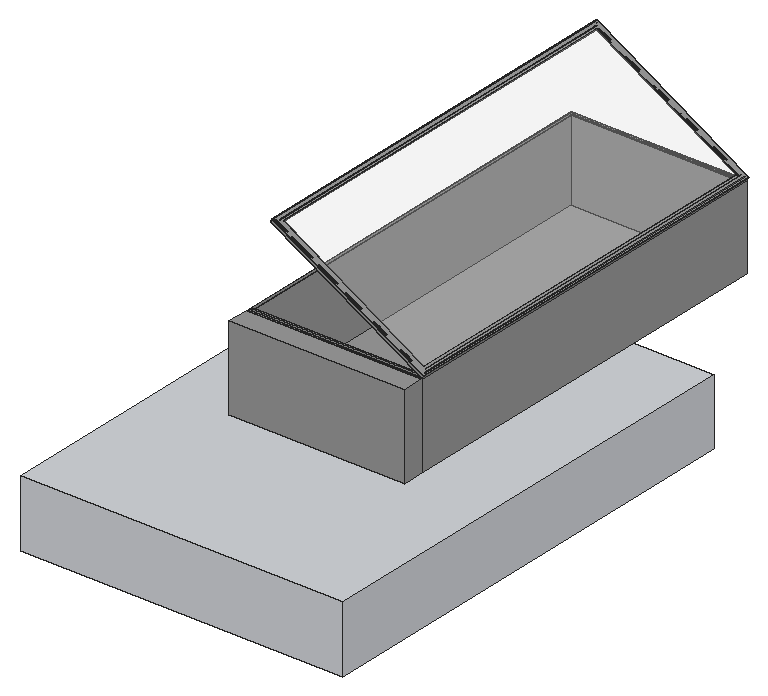
Revit family "Hager-Univers-IP55-D400-H1950-Cl.II-Steel_encl-CH-it", category Equipement électrique, Revit 2020
Family settings
  Hôte = Face
  Configuration du panneau = Deux colonnes, circuits au sein
  Cote de connecteur circulaire = Utiliser le diamètre
  Type d'élément = Tableau de raccordement
  Couper avec des vides une fois chargée = Non
  Partagée = Non
  Point de calcul de pièce = Non
Parameters (values of type "montaggio a pavimento IP55 L800 A1950 P400  - FR23U1")
  Width Control [instance] = if([EF000008 - Larghezza] > Min Width, [EF000008 - Larghezza], Min Width)  # 800 mm
  Commentaires du type = [HG000003 - Gamma]  # "Univers"
  Thickness Door [instance] = if([EF009171 - spessore materiale porta/coperchio] > 3 mm, 3 mm, [EF009171 - spessore materiale porta/coperchio])  # 1.5 mm
  Seal Frame Offset [instance] = 17 mm  # constant formula
  Plinth Visibility [instance] = [HG000027 - Altezza dello zoccolo] > 0 mm  # yes
  Model = ""
  Min Width [instance] = 100 mm  # constant formula
  Min Height [instance] = 100 mm  # constant formula
  Min Depth [instance] = (2 * [EF009170 - spessore materiale scatola]) + 1 mm  # 4 mm
  Internal Frame Depth [instance] = (Door System Depth * 0.5)  # 9 mm
  Height Control [instance] = if([EF000040 - Altezza] > Min Height, [EF000040 - Altezza], Min Height)  # 1950 mm
  HG000027 - Altezza dello zoccolo = 100 mm
  HG000026 - A pavimento = yes
  HG000024 - Altezza della sezione inferiore = 800 mm
  HG000023 - Custodia a doppia sezione = no
  HG000016 - Visibilità delle porte nella vista 3D [instance] = yes
  HG000015 - Visibilità attraverso la porta [instance] = no
  HG000014 - Porta destra [instance] = yes
  HG000013 - Porta sinistra [instance] = not([HG000014 - Porta destra])  # no
  HG000012 - Angolo di apertura della porta [instance] = 30.00°
  HG000010 - Porte asimmetriche = no
  HG000009 - Porta doppia a battente = no
  HG000006 - Ad incasso = no
  HG000004 - Codice produttore = "FR23U1"
  HG000003 - Gamma = "Univers"
  HG000002 - Con porta = yes
  Frame Offset Bottom [instance] = 10 mm  # constant formula
  Frame Offset [instance] = 15 mm  # constant formula
  EF015940 - Coprire con rilascio di sovrapressione = no
  EF011959 - tipo di protezione (NEMA) = ""
  EF009554 - numero delle aperture per la piastra della flangia = 6
  Fabricant = "Hager"  # constant formula
  EF009212 - esecuzione coperchio = "EV000116 - chiuso"
  EF009171 - spessore materiale porta/coperchio = 1.5 mm
  EF009170 - spessore materiale scatola = 1.5 mm
  EF008873 - corrente nominale (In) = 800 A
  EF007800 - adatto per parafulmine = no
  EF006306 - con serratura = no
  EF006244 - coperchio/porta trasparente = yes
  EF005474 - grado di protezione (IP) = "EV006420 - IP55"
  EF004464 - tipo di porta = "EV002646 - singolo"
  EF004427 - numero di moduli = 432
  EF004293 - resistenza agli urti = "EV008784 - IK10"
  EF003532 - adatto per uso esterno = no
  EF002950 - Numero moduli DIN = 24
  EF001613 - Integrità del circuito = "EV000494 - senza"
  EF001596 - Attacco Lampada = "EV000179 - acciaio"
  EF001131 - profondità interna = 400 mm
  EF001088 - possibilità di applicazione = yes
  EF000437 - numero di ingressi per conduttori = 6
  EF000339 - tipo di copertura = "EV004216 - porta"
  EF000266 - numero di file = 12
  EF000218 - profondità di incasso = 0 mm
  EF000118 - con piastra di montaggio = no
  EF000116 - numero RAL = "7035"
  EF000049 - profondità = 400 mm
  EF000040 - Altezza = 1950 mm
  EF000008 - Larghezza = 800 mm
  EF000007 - colore = "EV000270 - grigio"
  EF000003 - Tipo di montaggio = "EV012274 - montaggio a pavimento"
  Door System Leaf Tolerance [instance] = 1.5 mm  # constant formula
  Door System Depth [instance] = 18 mm  # constant formula
  Door Height [instance] = Height Control - [HG000027 - Altezza dello zoccolo]  # 1850 mm
  Depth Control [instance] = if([EF000049 - profondità] > Min Depth, [EF000049 - profondità], Min Depth)  # 400 mm
  Default Elevation = 0 mm
  Connector Offset [instance] = Height Control / 2  # 975 mm
  Bottom Top Plate Trim [instance] = 1.5 mm  # constant formula
  Plinth height Ctrl [instance] = if([HG000027 - Altezza dello zoccolo] > 0 mm, [HG000027 - Altezza dello zoccolo], 12 mm)  # 100 mm
Types (11, lengths in mm): name | Width Control | HG000010 - Porte asimmetriche | HG000009 - Porta doppia a battente | HG000004 - Codice produttore | EF009554 - numero delle aperture per la piastra della flangia | EF006244 - coperchio/porta trasparente | EF004464 - tipo di porta | EF004427 - numero di moduli | EF000437 - numero di ingressi per conduttori | EF000008 - Larghezza
  montaggio a pavimento IP55 L1050 A1950 P400  - FR24H1 | 1050 | yes | yes | "FR24H1" | 8 | no | "EV003602 - doppio" | 576 | 8 | 1050
  montaggio a pavimento IP55 L1050 A1950 P400  - FR24U1 | 1050 | yes | yes | "FR24U1" | 8 | yes | "EV003602 - doppio" | 576 | 8 | 1050
  montaggio a pavimento IP55 L1300 A1950 P400  - FR25H1 | 1300 | yes | yes | "FR25H1" | 10 | no | "EV003602 - doppio" | 720 | 10 | 1300
  montaggio a pavimento IP55 L1300 A1950 P400  - FR25U1 | 1300 | yes | yes | "FR25U1" | 10 | yes | "EV003602 - doppio" | 720 | 10 | 1300
  montaggio a pavimento IP55 L1550 A1950 P400  - FR26H1 | 1550 | yes | yes | "FR26H1" | 12 | no | "EV003602 - doppio" | 864 | 12 | 1550
  montaggio a pavimento IP55 L1550 A1950 P400  - FR26U1 | 1550 | yes | yes | "FR26U1" | 12 | yes | "EV003602 - doppio" | 864 | 12 | 1550
  montaggio a pavimento IP55 L300 A1950 P400  - FR21H1 | 300 | no | no | "FR21H1" | 2 | no | "EV002646 - singolo" | 144 | 2 | 300
  montaggio a pavimento IP55 L550 A1950 P400  - FR22H1 | 550 | no | no | "FR22H1" | 4 | no | "EV002646 - singolo" | 288 | 4 | 550
  montaggio a pavimento IP55 L550 A1950 P400  - FR22U1 | 550 | no | no | "FR22U1" | 4 | yes | "EV002646 - singolo" | 288 | 4 | 550
  montaggio a pavimento IP55 L800 A1950 P400  - FR23H1 | 800 | no | no | "FR23H1" | 6 | no | "EV002646 - singolo" | 432 | 6 | 800
  montaggio a pavimento IP55 L800 A1950 P400  - FR23U1 | 800 | no | no | "FR23U1" | 6 | yes | "EV002646 - singolo" | 432 | 6 | 800
Reference planes
  plane 1 "Center (Front/Back)": y = 0
  plane 2: z = 0
  plane 3 "Center (Left/Right)": x = 0
  plane 4: z = 400
  plane 5: y = 101.5
  plane 6: y = 1025
  plane 7: y = 100
  plane 8: y = 1950
  plane 9: z = 0
  plane 10: x = -385
  plane 11: x = 385
  plane 12: x = 383.5
  plane 13: x = -383.5
  plane 14: y = 1948.5
  plane 15: x = -383
  plane 16: x = -400
  plane 17: x = 383
  plane 18: x = 400
  plane 19: x = 398.5
  plane 20: x = -398.5
  plane 21: y = 111.5
  plane 22: y = 1950
  plane 23: y = 1933.5
  plane 24: z = 382
  plane 25: z = 1.5
  plane 26: z = 380.5
  plane 27: z = 398.5
Forms (mm)
  Extrusion 1, solid
    sketch origin (0, 0, 0) x (1, 0, 0) y (0, 1, 0)
      loop
        line (-702.964, 1305) -> (-702.964, -811.445) -> (766.763, -811.445) -> (766.763, 1305) -> (-702.964, 1305)
    from 0 to -304.8
  Extrusion 2, solid, material "Hager_Steel_RAL7035_Light_Grey", visible <- "Plinth Visibility", detail levels medium+fine
    sketch origin (0, 0, 0) x (1, 0, 0) y (0, 1, 0)
      loop
        line (-400, 0) -> (400, 0) -> (400, 100) -> (-400, 100) -> (-400, 0)
    from 0 to 382
  Extrusion 3, solid, material "Hager_Steel_RAL7035_Light_Grey", detail levels medium+fine
    sketch origin (0, 0, 0) x (1, 0, 0) y (0, 1, 0)
      loop
        line (-400, 100) -> (400, 100) -> (400, 1950) -> (-400, 1950) -> (-400, 100)
    from 0 to 382
  Extrusion 4, void
    sketch origin (0, 0, 0) x (1, 0, 0) y (0, 1, 0)
      loop
        line (-398.5, 101.5) -> (398.5, 101.5) -> (398.5, 1948.5) -> (-398.5, 1948.5) -> (-398.5, 101.5)
    from 1.5 to 380.5
  Extrusion 5, void
    sketch origin (-381.607, -4572, 382) x (0, -1, 0) y (-1, 0, 0)
      loop
        line (-4683.5, 1.893) -> (-6505.5, 1.893) -> (-6505.5, -765.107) -> (-4683.5, -765.107) -> (-4683.5, 1.893)
    from 0 to 1.5 <- "EF009170 - spessore materiale scatola"
  Extrusion 6, solid, material "Hager_Steel_RAL7035_Light_Grey", detail levels fine
    sketch origin (0, 0, 382) x (1, 0, 0) y (0, 1, 0)
      loop
        line (-383.5, 1933.5) -> (-383.5, 111.5) -> (383.5, 111.5) -> (383.5, 1933.5) -> (-383.5, 1933.5)
      loop
        line (-385, 110) -> (385, 110) -> (385, 1935) -> (-385, 1935) -> (-385, 110)
    from 0 to 9 <- "Internal Frame Depth"
  Extrusion 7, solid, material "Hager_Steel_RAL7035_Light_Grey", detail levels coarse
    sketch origin (0, 0, 0) x (1, 0, 0) y (0, 1, 0)
      loop
        line (-400, 0) -> (400, 0) -> (400, 1950) -> (-400, 1950) -> (-400, 0)
    from 0 to 400
  Sweep 8, void
    path in 3D
      loop
        line (-400, 100, 0) -> (400, 100, 0) -> (400, 100, 382) -> (-400, 100, 382) -> (-400, 100, 0)
    profile origin (-400, 100, 191) x (-1, 0, 0) y (0, -1, 0)
      loop
        line (0, 0) -> (0, 1.5) -> (-1.5, 1.5)
        arc (-1.5, 1.5) -> (-1.061, 0.439) -> (0, 0) r 1.5
Cuts and joins
  Extrusion 4, Extrusion 5 cuts Extrusion 3
  Sweep 8 cuts Extrusion 2
Lines and regions (mm)
  Masking region 1
    outline origin (0, 0, 0) x (1, 0, 0) y (0, 0, 1)
      loop
        line (-400, 400) -> (-400, 0) -> (400, 0) -> (400, 400) -> (-400, 400)
  Masking region 2, detail levels medium+fine
    outline origin (0, 140, 0) x (0, 1, 0) y (0, 0, 1)
      loop
        line (-40, 0) -> (1810, 0) -> (1810, 382) -> (-40, 382) -> (-40, 0)
  Masking region 3, not visible, detail levels medium+fine
    outline origin (0, 297.922, 0) x (0, 1, 0) y (0, 0, 1)
      loop
        line (738.578, 0) -> (778.578, 0) -> (778.578, 388.5)
        arc (778.578, 388.5) -> (775.649, 395.571) -> (768.578, 398.5) r 10
        line (768.578, 398.5) -> (738.578, 398.5) -> (738.578, 0)
  Masking region 4, detail levels coarse
    outline origin (0, 0, 180) x (0, 1, 0) y (0, 0, 1)
      loop
        line (0, -180) -> (1950, -180) -> (1950, 220) -> (0, 220) -> (0, -180)
  Masking region 5, visible <- "Plinth Visibility", detail levels medium+fine
    outline origin (0, 52.24, 12.345) x (0, 0, -1) y (0, 1, 0)
      loop
        line (10.845, 47.76) -> (-368.155, 47.76)
        arc (-368.155, 47.76) -> (-368.594, 46.699) -> (-369.655, 46.26) r 1.5
        line (-369.655, 46.26) -> (-369.655, -52.24) -> (12.345, -52.24) -> (12.345, 46.26)
        arc (12.345, 46.26) -> (11.285, 46.699) -> (10.845, 47.76) r 1.5
  Masking region 6, detail levels medium+fine
    outline origin (-381.607, -4572, 382) x (-1, 0, 0) y (0, -1, 0)
      loop
        line (18.393, -6522) -> (18.393, -4672) -> (-781.607, -4672) -> (-781.607, -6522) -> (18.393, -6522)
  Masking region 7, visible <- "Plinth Visibility", detail levels medium+fine
    outline origin (-381.607, -4727, 382) x (-1, 0, 0) y (0, -1, 0)
      loop
        arc (16.893, -4827) -> (17.332, -4825.939) -> (18.393, -4825.5) r 1.5
        line (18.393, -4825.5) -> (18.393, -4727) -> (-781.607, -4727) -> (-781.607, -4825.5)
        arc (-781.607, -4825.5) -> (-780.546, -4825.939) -> (-780.107, -4827) r 1.5
        line (-780.107, -4827) -> (16.893, -4827)
  Masking region 8, detail levels coarse
    outline origin (-442.548, -4669.526, 382) x (-1, 0, 0) y (0, -1, 0)
      loop
        line (-42.548, -6619.526) -> (-42.548, -4669.526) -> (-842.548, -4669.526) -> (-842.548, -6619.526) -> (-42.548, -6619.526)
  sketch lines
    curve 1: line (-400, 100, 382) -> (-400, 100, 0)
    curve 2: line (400, 100, 382) -> (-400, 100, 382)
    curve 3: line (400, 100, 382) -> (400, 100, 0)
    curve 4: line (-400, 100, 0) -> (400, 100, 0)
Dimensions and locks
  "Depth Control": plane 4 to Extrusion 1
  "HG000027 - Altezza dello zoccolo": plane 1 "Center (Front/Back)" to plane 7
  "EF009170 - spessore materiale scatola": plane 5 to plane 7
  locked: connector elem to plane 3 "Center (Left/Right)"
  equal spacing: plane 8, plane 6, plane 7
  locked: connector elem to plane 6
  "EF009170 - spessore materiale scatola": plane 8 to plane 14
  "EF009170 - spessore materiale scatola": plane 10 to plane 13
  "EF009170 - spessore materiale scatola": plane 12 to plane 11
  "Frame Offset": plane 20 to plane 13
  "Frame Offset": plane 12 to plane 19
  "EF009170 - spessore materiale scatola": plane 16 to plane 20
  "EF009170 - spessore materiale scatola": plane 19 to plane 18
  "Seal Frame Offset": plane 16 to plane 15
  "Seal Frame Offset": plane 17 to plane 18
  "Frame Offset Bottom": plane 21 to plane 5
  "Frame Offset": plane 14 to plane 23
  equal spacing: plane 16, plane 3 "Center (Left/Right)", plane 18
  "Width Control": plane 16 to plane 18
  "EF009170 - spessore materiale scatola": plane 4 to plane 27
  "EF009170 - spessore materiale scatola": plane 24 to plane 26
  "EF009170 - spessore materiale scatola": plane 25 to level
  "Door System Depth": plane 4 to plane 24
  "Height Control": plane 1 "Center (Front/Back)" to Extrusion 7 sketch curve
  "Height Control": Masking region 4 sketch curve to plane 1 "Center (Front/Back)"
  "Height Control": plane 1 "Center (Front/Back)" to plane 22
  "Bottom Top Plate Trim": profile plane to Sweep 8 sketch curve
  "Bottom Top Plate Trim": Sweep 8 sketch curve to profile plane
  "Plinth height Ctrl": plane 1 "Center (Front/Back)" to Extrusion 2 sketch curve
  "Plinth height Ctrl": Masking region 5 sketch curve to plane 1 "Center (Front/Back)"
  "Plinth height Ctrl": plane 1 "Center (Front/Back)" to Masking region 7 sketch curve
  "Thickness Door": Extrusion 6 sketch curve to Extrusion 6 sketch curve  (x3)
  "Thickness Door": cut or joined group of Extrusion 3, Extrusion 4, Extrusion 5 to Extrusion 6 sketch curve
  radius of Masking region 3 sketch curve = 10 mm
  "Bottom Top Plate Trim": radius of Masking region 5 sketch curve  (x2)
  "Bottom Top Plate Trim": radius of Sweep 8 sketch curve
  "Bottom Top Plate Trim": radius of Masking region 7 sketch curve  (x2)
  aligned and locked: plane 2 to Extrusion 1
  aligned and locked: level to Extrusion 1
  aligned and locked: level to Masking region 1 sketch curve
  aligned and locked: Masking region 1 sketch curve to plane 18
  aligned and locked: Masking region 1 sketch curve to plane 16
  aligned and locked: plane 7 to Masking region 2 sketch curve
  aligned and locked: level to Masking region 3 sketch curve
  aligned and locked: Masking region 3 sketch curve to plane 27
  aligned and locked: level to Masking region 2 sketch curve
  aligned and locked: plane 1 "Center (Front/Back)" to Extrusion 2 sketch curve
  aligned and locked: Extrusion 3 sketch curve to plane 7
  aligned and locked: plane 16 to Extrusion 3 sketch curve
  aligned and locked: plane 18 to Extrusion 3 sketch curve
  aligned and locked: plane 20 to Extrusion 4 sketch curve
  aligned and locked: plane 19 to Extrusion 4 sketch curve
  aligned and locked: Extrusion 4 sketch curve to plane 5
  aligned and locked: Extrusion 4 to plane 25
  aligned and locked: plane 26 to Extrusion 4
  aligned and locked: plane 24 to Extrusion 3
  aligned and locked: Extrusion 5 sketch curve to plane 21
  aligned and locked: Extrusion 5 sketch curve to plane 13
  aligned and locked: Extrusion 5 sketch curve to plane 12
  aligned and locked: plane 18 to Extrusion 7 sketch curve
  aligned and locked: plane 1 "Center (Front/Back)" to Extrusion 7 sketch curve
  aligned and locked: plane 16 to Extrusion 7 sketch curve
  aligned and locked: plane 4 to Extrusion 7
  aligned and locked: Extrusion 7 to level
  aligned and locked: level to Masking region 4 sketch curve
  aligned and locked: Masking region 4 sketch curve to plane 1 "Center (Front/Back)"
  aligned and locked: Masking region 4 sketch curve to plane 4
  aligned and locked: nested 1 to level
  aligned and locked: nested 1 to plane 16
  aligned and locked: plane 8 to Extrusion 3 sketch curve
  aligned and locked: plane 23 to Extrusion 5 sketch curve
  aligned and locked: plane 14 to Extrusion 4 sketch curve
  aligned and locked: Masking region 2 sketch curve to plane 8
  aligned and locked: level to Masking region 5 sketch curve
  aligned and locked: plane 16 to Extrusion 2 sketch curve
  aligned and locked: plane 18 to Extrusion 2 sketch curve
  aligned and locked: Masking region 5 sketch curve to plane 24
  aligned and locked: Masking region 2 sketch curve to plane 24
  aligned and locked: plane 24 to Extrusion 2
  aligned and locked: profile plane to Sweep 8 sketch curve  (x2)
  aligned and locked: Masking region 6 sketch curve to plane 18
  aligned and locked: Masking region 6 sketch curve to plane 22
  aligned and locked: Masking region 6 sketch curve to plane 16
  aligned and locked: plane 8 to plane 22
  aligned and locked: Masking region 6 sketch curve to plane 7
  aligned and locked: Masking region 7 sketch curve to plane 16
  aligned and locked: Masking region 7 sketch curve to plane 1 "Center (Front/Back)"
  aligned and locked: Masking region 7 sketch curve to plane 18
  aligned and locked: Masking region 8 sketch curve to plane 1 "Center (Front/Back)"
  aligned and locked: Masking region 8 sketch curve to plane 18
  aligned and locked: Masking region 8 sketch curve to plane 22
  aligned and locked: Masking region 8 sketch curve to plane 16
  aligned and locked: nested 2 to plane 7
  aligned and locked: plane 3 "Center (Left/Right)" to nested 2
  aligned and locked: nested 2 to plane 24
  aligned and locked: Extrusion 6 sketch curve to cut or joined group of Extrusion 3, Extrusion 4, Extrusion 5  (x4)
Automatic sketch dimensions
  Extrusion 1 sketch curve to Extrusion 1 sketch curve = 1469.727 mm
  Extrusion 1 sketch curve to Extrusion 1 sketch curve = 2116.445 mm
  Masking region 1 sketch curve to plane 4 = 0 mm
  plane 6 to Masking region 3 sketch curve = 11.5 mm
  Masking region 3 sketch curve to Masking region 3 sketch curve = 30 mm
  Masking region 5 sketch curve to plane 1 "Center (Front/Back)" = 0 mm
Nested families
  nested 1: "Hager_Enclosure_Symbol" at (-400, 0, 0) x (1, 0, 0) z (0, -1, 0), Height <- "Depth Control", Width <- "Width Control", type "Hager_Enclosure_Symbol"
    with Width_Ctrl 800 mm, Width 800 mm, Height_Ctrl 400 mm, Height 400 mm, A_Width_Int 26.25 mm, A_Width 315 mm, A_Height_Ctrl 350 mm, A_Height 350 mm
  nested 2: "EC000058_Univers_Door" at (0, 100, 382) x (1, 0, 0) z (0, 1, 0), Leaf_Tolerance <- "Door System Leaf Tolerance", Angle <- "HG000012 - Angolo di apertura della porta", Door_Depth <- "Door System Depth", Door_Left <- "HG000013 - Porta sinistra", Transparent <- "EF006244 - coperchio/porta trasparente", Assymetrical <- "HG000010 - Porte asimmetriche", Width <- "Width Control", Clearance <- "HG000015 - Visibilità attraverso la porta", Double <- "HG000009 - Porta doppia a battente", 3d_Door <- "HG000016 - Visibilità delle porte nella vista 3D", Lock_Visibility <- "EF006306 - con serratura", Width_Ctrl <- "Width Control", Door_Right <- "HG000014 - Porta destra", Door <- "HG000002 - Con porta", Height <- "Door Height", Thickness <- "Thickness Door", type "EC000058_Univers_Door", detail levels medium+fine
    with min_wh 4 mm, Width_Ctrl 800 mm, Width 800 mm, Transparent yes, Thickness 1.5 mm, Seal_Material Hager_Rubber, Lock_Visibility no, Lock_Material Hager_Plastic_RAL9005_Jet_Black, Leaf_Width 800 mm, Leaf_Tolerance_External_Sides 0 mm, Leaf_Tolerance 1.5 mm, Leaf_Offset 0 mm, Leaf_Height 1847 mm, Leaf_2_Width 800 mm, Leaf_2_Offset 400 mm, Leaf_1_Width 800 mm, Leaf_1_Offset 400 mm, Height_Ctrl 1850 mm, Height 1850 mm, Glass_Material Hager_Glass, Double_Clearance_Ctrl no, Double no, Door_Right_Ctrl yes, Door_Right yes, Door_Material Hager_Steel_RAL7035_Light_Grey, Door_Left_Ctrl no, Door_Left no, Door_Depth 18 mm, Door yes, Clearance_Material Hager_Clearance, Clearance_Depth 800 mm, Clearance_Ctrl no, Clearance no, Assymetrical no, Angle 30.00°, 3d_Door yes
Connectors
  electrical at (0, 1025, 0)
    settings: on plane 9, index 1, voltage 0 V, apparent load 0 VA, apparent load phase1 0 VA, apparent load phase2 0 VA, apparent load phase3 0 VA, power factor 1, load classification "Other", number of poles 1, system type 30, power factor state 1, is connector primary yes, connector utility no, sub classification motor no, connector description ""
Definition of nested family "EC000058_Univers_Door"
  Parameters (values of type "EC000058_Univers_Door")
    min_wh [instance] = (2 * Thickness) + 1 mm  # 11 mm
    Width_Ctrl [instance] = 400 mm
    Width [instance] = 500 mm
    Transparent [instance] = yes
    Thickness [instance] = 5 mm
    Seal_Material [instance] = none
    Lock_Visibility [instance] = yes
    Lock_Material [instance] = none
    Leaf_Width [instance] = if((Width_Ctrl - 2 * Leaf_Tolerance_External_Sides) > 0 mm, (Width_Ctrl - 2 * Leaf_Tolerance_External_Sides), min_wh)  # 400 mm
    Leaf_Tolerance_External_Sides [instance] = 0 mm  # constant formula
    Leaf_Tolerance [instance] = 1.5 mm
    Leaf_Offset [instance] = 0 mm  # constant formula
    Leaf_Height [instance] = if((Height_Ctrl - 2 * Leaf_Tolerance) > 0 mm, (Height_Ctrl - 2 * Leaf_Tolerance), min_wh)  # 497 mm
    Leaf_2_Width [instance] = if(and(and(Double, Assymetrical), Door_Left), (Leaf_Width / 3) - (Leaf_Tolerance / 2), if(and(and(Double, Assymetrical), Door_Right), (Leaf_Width / 3) * 2 - (Leaf_Tolerance / 2), if(and(Double, not(Assymetrical)), (Leaf_Width / 2) - Leaf_Tolerance, Leaf_Width)))  # 400 mm
    Leaf_2_Offset [instance] = if(and(Double, Assymetrical), Leaf_2_Width / 2, if(and(Double, not(Assymetrical)), Leaf_Width / 4, Leaf_Width / 2))  # 200 mm
    Leaf_1_Width [instance] = if(and(and(Double, Assymetrical), Door_Right), (Leaf_Width / 3) - (Leaf_Tolerance / 2), if(and(and(Double, Assymetrical), Door_Left), (Width / 3) * 2 - (Leaf_Tolerance / 2), if(and(Double, not(Assymetrical)), (Leaf_Width / 2) - Leaf_Tolerance, Leaf_Width)))  # 400 mm
    Leaf_1_Offset [instance] = if(and(Double, Assymetrical), Leaf_1_Width / 2, if(and(Double, not(Assymetrical)), Leaf_Width / 4, Leaf_Width / 2))  # 200 mm
    Height_Ctrl [instance] = if(Height > min_wh, Height, min_wh)  # 500 mm
    Height [instance] = 500 mm
    Glass_Material [instance] = none
    Double_Clearance_Ctrl [instance] = and(Double, Clearance)  # no
    Double [instance] = no
    Door_Right_Ctrl [instance] = and(or(Door_Right, Double), Door)  # yes
    Door_Right [instance] = yes
    Door_Material [instance] = none
    Door_Left_Ctrl [instance] = and(or(Door_Left, Double), Door)  # no
    Door_Left [instance] = no
    Door_Depth [instance] = 30 mm
    Door [instance] = yes
    Default Elevation = 1219.2 mm
    Clearance_Material [instance] = none
    Clearance_Depth [instance] = if(Leaf_1_Width > Leaf_2_Width, Leaf_1_Width, Leaf_2_Width)  # 400 mm
    Clearance_Ctrl [instance] = and(not(Double), Clearance)  # yes
    Clearance [instance] = yes
    Assymetrical [instance] = yes
    Angle [instance] = 30.00°
    3d_Door [instance] = yes
  Reference planes
    plane 1 "Center (Front/Back)": y = 0
    plane 2 "Bottom": z = 0
    plane 3 "Center (Left/Right)": x = 0
    plane 4: z = 500
    plane 5: x = -200
    plane 6: x = 200
    plane 7: z = 500
    plane 8: x = -200
    plane 9: z = 0
    plane 10: x = 200
    plane 11: y = 0
    plane 12: z = 1.5
    plane 13: x = -600
    plane 14: y = -400
    plane 15: x = 600
    plane 16: x = 0
    plane 17: x = 0
    plane 18: x = -200
    plane 19: x = 200
    plane 20: z = 498.5
  Forms (mm)
    Extrusion 1, solid, material <- "Clearance_Material", visible <- "Double_Clearance_Ctrl"
      sketch origin (1200, 0, 0) x (1, 0, 0) y (0, 0, -1)
        loop
          line (-1800, -498.5) -> (-600, -498.5) -> (-600, 0) -> (-1800, 0) -> (-1800, -498.5)
      from 0 to -400
  Dimensions and locks
    equal spacing: plane 5, plane 3 "Center (Left/Right)", plane 6
    "Width_Ctrl": plane 5 to plane 6
    "Leaf_Offset": plane 5 to plane 8
    "Leaf_Offset": plane 6 to plane 10
    "Leaf_Offset": plane 9 to level
    "Leaf_Offset": plane 4 to plane 7
    "Height_Ctrl": plane 4 to level
    "Leaf_Tolerance": plane 12 to plane 9
    locked: plane 11 to plane 1 "Center (Front/Back)"
    "Leaf_1_Offset": plane 18 to plane 16
    "Leaf_2_Offset": plane 17 to plane 19
    "Leaf_1_Width": plane 13 to plane 8
    "Leaf_2_Width": plane 10 to plane 15
    "Clearance_Depth": plane 14 to plane 1 "Center (Front/Back)"
    "Leaf_Tolerance_External_Sides": plane 8 to plane 18
    "Leaf_Tolerance_External_Sides": plane 19 to plane 10
    "Leaf_Tolerance": plane 7 to plane 20
    aligned and locked: level to plane 2 "Bottom"
    aligned and locked: nested 1 to plane 16
    aligned and locked: nested 2 to plane 17
    aligned and locked: Extrusion 1 to plane 13
    aligned and locked: plane 15 to Extrusion 1
    aligned and locked: Extrusion 1 to plane 14
    aligned and locked: plane 12 to nested 1
    aligned and locked: nested 2 to plane 12
    aligned and locked: Extrusion 1 to plane 11
    aligned and locked: plane 20 to Extrusion 1
    aligned and locked: nested 2 to plane 11
    aligned and locked: nested 1 to plane 11
  Automatic sketch dimensions
    Extrusion 1 sketch curve to level = 0 mm
    plane 5 to Extrusion 1 sketch curve = 400 mm
    plane 6 to Extrusion 1 sketch curve = 400 mm
    Extrusion 1 sketch curve to plane 4 = 1.5 mm
  Nested families
    nested 1: "EC000058_Univers_Door_Leaf" at (0, 0, 1.5), Width <- "Leaf_1_Width", visible <- "Door_Left_Ctrl", Leaf_Height <- "Leaf_Height", Angle <- "Angle", 3d_Door <- "3d_Door", Transparent <- "Transparent", Clearance Material <- "Clearance_Material", Clearance <- "Clearance_Ctrl", Door_Material <- "Door_Material", Glass_Material <- "Glass_Material", Door_Depth <- "Door_Depth", Lock_Material <- "Lock_Material", Seal_Material <- "Seal_Material", Lock_Visibility <- "Lock_Visibility", Thickness <- "Thickness", type "EC000058_Univers_Door_Leaf"
      with Width 400 mm, Transparent_Glass_Offset 30 mm, Transparent_Ctrl yes, Transparent yes, Thickness 5 mm, Standard no, Seal_Material none, Seal_D2 8 mm, Seal_D1 1 mm, Offset_Internal_Frame 10 mm, Lock_Width 20 mm, Lock_Visibility_3d yes, Lock_Visibility yes, Lock_Thickness_3 3 mm, Lock_Thickness_2 1 mm, Lock_Thickness_1 3 mm, Lock_Radius_Offset_2 16 mm, Lock_Radius_Offset_1 15 mm, Lock_Radius_2 5 mm, Lock_Radius 6 mm, Lock_Offset 5 mm, Lock_Material none, Lock_Height 80 mm, Lock_Cover_Top_Offset_2d 17 mm, Lock_Cover_Height -65 mm, Leaf_Height 497 mm, Internal_Seal_Thickness 8 mm, Internal_Seal_Depth_2 4.5 mm, Internal_Frame_Depth 25 mm, Glass_Thickness -1 mm, Glass_Offset -2 mm, Glass_Material none, Door_Material none, Door_Depth 30 mm, Clearance Material none, Clearance yes, Angle_Ctrl 30.00°, Angle 30.00°, 3d_Door yes
    nested 2: "EC000058_Univers_Door_Leaf" at (0, 0, 1.5) x (-1, 0, 0) z (0, 0, 1), Width <- "Leaf_2_Width", visible <- "Door_Right_Ctrl", Leaf_Height <- "Leaf_Height", Angle <- "Angle", 3d_Door <- "3d_Door", Transparent <- "Transparent", Clearance Material <- "Clearance_Material", Clearance <- "Clearance_Ctrl", Door_Material <- "Door_Material", Glass_Material <- "Glass_Material", Door_Depth <- "Door_Depth", Lock_Material <- "Lock_Material", Seal_Material <- "Seal_Material", Lock_Visibility <- "Lock_Visibility", Thickness <- "Thickness", type "EC000058_Univers_Door_Leaf"
      with Width 400 mm, Transparent_Glass_Offset 30 mm, Transparent_Ctrl yes, Transparent yes, Thickness 5 mm, Standard no, Seal_Material none, Seal_D2 8 mm, Seal_D1 1 mm, Offset_Internal_Frame 10 mm, Lock_Width 20 mm, Lock_Visibility_3d yes, Lock_Visibility yes, Lock_Thickness_3 3 mm, Lock_Thickness_2 1 mm, Lock_Thickness_1 3 mm, Lock_Radius_Offset_2 16 mm, Lock_Radius_Offset_1 15 mm, Lock_Radius_2 5 mm, Lock_Radius 6 mm, Lock_Offset 5 mm, Lock_Material none, Lock_Height 80 mm, Lock_Cover_Top_Offset_2d 17 mm, Lock_Cover_Height -65 mm, Leaf_Height 497 mm, Internal_Seal_Thickness 8 mm, Internal_Seal_Depth_2 4.5 mm, Internal_Frame_Depth 25 mm, Glass_Thickness -1 mm, Glass_Offset -2 mm, Glass_Material none, Door_Material none, Door_Depth 30 mm, Clearance Material none, Clearance yes, Angle_Ctrl 30.00°, Angle 30.00°, 3d_Door yes
  Definition of nested family "EC000058_Univers_Door_Leaf"
    Parameters (values of type "EC000058_Univers_Door_Leaf")
      Width [instance] = 2000 mm
      Transparent_Glass_Offset [instance] = 30 mm
      Transparent_Ctrl [instance] = and(Transparent, [3d_Door])  # yes
      Transparent [instance] = yes
      Thickness [instance] = 5 mm
      Standard [instance] = and(not(Transparent), [3d_Door])  # no
      Seal_Material [instance] = none
      Seal_D2 [instance] = 8 mm  # constant formula
      Seal_D1 [instance] = 1 mm  # constant formula
      Offset_Internal_Frame [instance] = 10 mm  # constant formula
      Lock_Width [instance] = 20 mm  # constant formula
      Lock_Visibility_3d [instance] = and(Lock_Visibility, [3d_Door])  # yes
      Lock_Visibility [instance] = yes
      Lock_Thickness_3 [instance] = 3 mm  # constant formula
      Lock_Thickness_2 [instance] = 1 mm  # constant formula
      Lock_Thickness_1 [instance] = 3 mm  # constant formula
      Lock_Radius_Offset_2 [instance] = Lock_Radius_Offset_1 + 1 mm  # 16 mm
      Lock_Radius_Offset_1 [instance] = 15 mm  # constant formula
      Lock_Radius_2 [instance] = Lock_Radius - 1 mm  # 5 mm
      Lock_Radius [instance] = 6 mm  # constant formula
      Lock_Offset [instance] = 5 mm  # constant formula
      Lock_Material [instance] = none
      Lock_Height [instance] = 80 mm  # constant formula
      Lock_Cover_Top_Offset_2d [instance] = Lock_Radius_Offset_2 + 1 mm  # 17 mm
      Lock_Cover_Height [instance] = -(Lock_Height - Lock_Radius_Offset_1)  # -65 mm
      Leaf_Height [instance] = 2720.336 mm
      Internal_Seal_Thickness [instance] = 8 mm  # constant formula
      Internal_Seal_Depth_2 [instance] = 4.5 mm  # constant formula
      Internal_Frame_Depth [instance] = if(Door_Depth - Thickness > 5 mm, Door_Depth - Thickness, 5 mm)  # 25 mm
      Glass_Thickness [instance] = if(Thickness > 15 mm, Glass_Offset + 10 mm, -1 mm)  # -1 mm
      Glass_Offset [instance] = if(Thickness > 15 mm, -(Thickness + 10 mm) / 2, -2 mm)  # -2 mm
      Glass_Material [instance] = none
      Door_Material [instance] = none
      Door_Depth [instance] = 30 mm
      Default Elevation = 0 mm
      Clearance Material [instance] = none
      Clearance [instance] = yes
      Angle_Ctrl [instance] = if(Angle > 180.00°, 180.00°, Angle)  # 90.00°
      Angle [instance] = 90.00°
      3d_Door [instance] = yes
    Reference planes
      plane 1 "Center (Front/Back)": y = 0
      plane 2: z = 0
      plane 3 "Center (Left/Right)": x = 0
      plane 4: y = 2000
      plane 5: x = -1000
      plane 6: x = 1000
      plane 7: x = -3000
      plane 8: z = 2720.336
      plane 9: z = 30
      plane 10: z = 2690.336
      plane 11: x = 970
      plane 12: x = -970
      plane 13: y = -3
      plane 14: z = 107.833
      plane 15: y = -5
      plane 16: y = -223.314
      plane 17: x = -1000
      plane 18: z = 1360.168
      plane 19: y = 30
    Forms (mm)
      Extrusion 1, solid, material <- "Clearance Material", visible <- "Clearance"
        sketch origin (0, 0, 0) x (1, 0, 0) y (0, 0, 1)
          loop
            line (-3000, 2720.336) -> (-3000, 0) -> (1000, 0) -> (1000, 2720.336) -> (-3000, 2720.336)
        from 0 to -2000
      Extrusion 2, solid, material <- "Door_Material", visible <- "Standard", detail levels medium+fine
        sketch origin (-1000, 0, 0) x (0, 1, 0) y (-1, 0, 0)
          loop
            line (0, 30) -> (0, 25) -> (2000, 25) -> (2000, 30) -> (0, 30)
        from 0 to 2720.336 <- "Leaf_Height"
      Extrusion 3, solid, material <- "Door_Material", visible <- "Transparent_Ctrl", detail levels medium+fine
        sketch origin (-1000, 0, 0) x (0, 1, 0) y (-1, 0, 0)
          loop
            line (0, 25) -> (2000, 25) -> (2000, 30) -> (0, 30) -> (0, 25)
        from 0 to 2720.336 <- "Leaf_Height"
      Extrusion 4, void
        sketch origin (-1025, 2000, 0) x (0, 1, 0) y (0, 0, -1)
          loop
            line (-30, -2690.336) -> (-30, -30) -> (-1970, -30) -> (-1970, -2690.336) -> (-30, -2690.336)
        from 0 to 5 <- "Thickness"
      Sweep 5, solid, material <- "Seal_Material", visible <- "Transparent_Ctrl", detail levels fine
        path in 3D
          loop
            line (-1025, 30, 30) -> (-1025, 30, 2690.336) -> (-1025, 1970, 2690.336) -> (-1025, 1970, 30) -> (-1025, 30, 30)
        profile origin (-1025, 1000, 30) x (1, 0, 0) y (0, 0, 1)
          loop
            line (0, 0) -> (0, -8) -> (1, -8) -> (1, 0) -> (0, 0)
      Extrusion 6, solid, material <- "Glass_Material", visible <- "Transparent_Ctrl", detail levels medium+fine
        sketch origin (-1030, 0, 0) x (0, 1, 0) y (0, 0, -1)
          loop
            line (1970, -2690.336) -> (1970, -30) -> (30, -30) -> (30, -2690.336) -> (1970, -2690.336)
        from -2 <- "Glass_Offset" to -1 <- "Glass_Thickness"
      Extrusion 7, solid, material <- "Door_Material", visible <- "3d_Door", detail levels medium+fine
        sketch origin (-1025, 2000, 0) x (0, -1, 0) y (0, 0, -1)
          loop
            line (0, -2720.336) -> (2000, -2720.336) -> (2000, 0) -> (0, 0) -> (0, -2720.336)
          loop
            line (1995, -5) -> (5, -5) -> (5, -2715.336) -> (1995, -2715.336) -> (1995, -5)
        from 0 to 25 <- "Internal_Frame_Depth"
      Sweep 8, solid, material <- "Seal_Material", visible <- "Transparent_Ctrl", detail levels fine
        path in 3D
          loop
            line (-1025, 0, 0) -> (-1025, 2000, 0) -> (-1025, 2000, 2720.336) -> (-1025, 0, 2720.336) -> (-1025, 0, 0)
        profile origin (-1025, 0, 1360.168) x (1, 0, 0) y (0, 1, 0)
          loop
            line (0, 10) -> (2.975, 10)
            arc (2.975, 10) -> (4.053, 10.447) -> (4.5, 11.525) r 1.525
            line (4.5, 11.525) -> (4.5, 16.527)
            arc (4.5, 16.527) -> (4.069, 17.569) -> (3.027, 18) r 1.473
            line (3.027, 18) -> (0, 18) -> (0, 10)
      Extrusion 9, solid, material <- "Lock_Material", visible <- "Lock_Visibility_3d", detail levels fine
        sketch origin (-1030, 0, 0) x (0, 1, 0) y (0, 0, -1)
          loop
            arc (1993.5, -1400.168) -> (1994.561, -1399.729) -> (1995, -1398.668) r 1.5
            line (1995, -1398.668) -> (1995, -1320.168) -> (1975, -1320.168) -> (1975, -1398.668)
            arc (1975, -1398.668) -> (1975.439, -1399.729) -> (1976.5, -1400.168) r 1.5
            line (1976.5, -1400.168) -> (1993.5, -1400.168)
        from 3 <- "Lock_Thickness_1" to 0
      Blend 10, solid, material <- "Lock_Material", visible <- "Lock_Visibility_3d", detail levels fine
        base sketch origin (-1033, 0, 0) x (0, 1, 0) y (0, 0, -1)
          loop
            line (1975, -1320.168) -> (1975, -1398.668)
            arc (1975, -1398.668) -> (1975.439, -1399.729) -> (1976.5, -1400.168) r 1.5
            line (1976.5, -1400.168) -> (1993.5, -1400.168)
            arc (1993.5, -1400.168) -> (1994.561, -1399.729) -> (1995, -1398.668) r 1.5
            line (1995, -1398.668) -> (1995, -1320.168) -> (1975, -1320.168)
        top sketch origin (-1033, 0, 0) x (0, 1, 0) y (0, 0, -1)
          loop
            line (1976, -1320.168) -> (1976, -1398.668)
            arc (1976, -1398.668) -> (1976.146, -1399.022) -> (1976.5, -1399.168) r 0.5
            line (1976.5, -1399.168) -> (1993.5, -1399.168)
            arc (1993.5, -1399.168) -> (1993.854, -1399.022) -> (1994, -1398.668) r 0.5
            line (1994, -1398.668) -> (1994, -1320.168) -> (1976, -1320.168)
        from 0 to 1 <- "Lock_Thickness_2"
      Blend 11, solid, material <- "Lock_Material", visible <- "Lock_Visibility_3d", detail levels fine
        base sketch origin (-1034, 0, 0) x (0, 1, 0) y (0, 0, -1)
          loop
            line (1978, -1320.168) -> (1978, -1384.168)
            arc (1978, -1384.168) -> (1985, -1391.168) -> (1992, -1384.168) r 7
            line (1992, -1384.168) -> (1992, -1320.168) -> (1978, -1320.168)
        top sketch origin (-1034, 0, 0) x (0, 1, 0) y (0, 0, -1)
          loop
            line (1991, -1320.168) -> (1979, -1320.168) -> (1979, -1383.168)
            arc (1979, -1383.168) -> (1985, -1389.168) -> (1991, -1383.168) r 6
            line (1991, -1383.168) -> (1991, -1320.168)
        from 0 to 3 <- "Lock_Thickness_3"
      Extrusion 12, solid, material <- "Lock_Material", visible <- "Lock_Visibility_3d", detail levels fine
        sketch origin (-1030, 1975, 1320.168) x (1, 0, 0) y (0, -1, 0)
          loop
            line (-7, -19) -> (-7, -1) -> (0, -1) -> (0, 0) -> (-8, 0) -> (-8, -20) -> (0, -20) -> (0, -19) -> (-7, -19)
        from 0 to -65 <- "Lock_Cover_Height"
      Extrusion 13, void
        sketch origin (-1038, 1995, 1320.168) x (-1, 0, 0) y (0, 0, -1)
          loop
            line (-5, -65) -> (0, -65) -> (-5, -60) -> (-5, -65)
        from 0 to 20 <- "Lock_Width"
      Extrusion 14, void
        sketch origin (-1038, 1975, 1320.168) x (0, -1, 0) y (0, 0, -1)
          loop
            circle (-10, -15.995) r 6
          loop
            circle (-10, -15.995) r 5
        from 0 to 2
      Extrusion 15, solid, material <- "Lock_Material", visible <- "Lock_Visibility_3d", detail levels medium
        sketch origin (-1030, 0, 0) x (0, 1, 0) y (0, 0, -1)
          loop
            arc (1993.5, -1400.168) -> (1994.561, -1399.729) -> (1995, -1398.668) r 1.5
            line (1995, -1398.668) -> (1995, -1320.168) -> (1975, -1320.168) -> (1975, -1398.668)
            arc (1975, -1398.668) -> (1975.439, -1399.729) -> (1976.5, -1400.168) r 1.5
            line (1976.5, -1400.168) -> (1993.5, -1400.168)
        from 8 to 0
    Cuts and joins
      Extrusion 4 cuts Extrusion 3
      Extrusion 13, Extrusion 14 cuts Extrusion 9
      Extrusion 14 cuts Blend 11
      Extrusion 13, Extrusion 14 cuts Extrusion 12
      joined: Extrusion 9, Blend 10, Blend 11, Extrusion 12
      Extrusion 14 cuts Extrusion 15
    Lines and regions (mm)
      Masking region 1, visible <- "Lock_Visibility", detail levels fine
        outline origin (0, 0, 0) x (0, 1, 0) y (0, 0, 1)
          loop
            line (30, 1320.168) -> (33, 1320.168) -> (33, 1400.168) -> (30, 1400.168) -> (30, 1320.168)
      Masking region 2, visible <- "Lock_Visibility", detail levels fine
        outline origin (0, 3.143, 0) x (0, 1, 0) y (0, 0, 1)
          loop
            line (29.857, 1354.168) -> (30.857, 1354.168) -> (30.857, 1366.168) -> (29.857, 1366.168) -> (29.857, 1354.168)
      Masking region 3, detail levels medium+fine
        outline origin (0, 0, 0) x (0, 1, 0) y (0, 0, 1)
          loop
            line (0, 0) -> (30, 0) -> (30, 2720.336) -> (0, 2720.336) -> (0, 0)
      Masking region 4, detail levels medium+fine
        outline origin (0, 0, 0) x (1, 0, 0) y (0, 0, 1)
          loop
            line (-1000, 2720.336) -> (-1000, 0) -> (1000, 0) -> (1000, 2720.336) -> (-1000, 2720.336)
      Masking region 5, visible <- "Lock_Visibility", detail levels fine
        outline origin (-47.116, 0, 0) x (1, 0, 0) y (0, 0, 1)
          loop
            arc (1024.616, 1399.168) -> (1023.556, 1398.729) -> (1023.116, 1397.668) r 1.5
            line (1023.116, 1397.668) -> (1023.116, 1320.168) -> (1041.116, 1320.168) -> (1041.116, 1397.668)
            arc (1041.116, 1397.668) -> (1040.677, 1398.729) -> (1039.616, 1399.168) r 1.5
            line (1039.616, 1399.168) -> (1024.616, 1399.168)
      Masking region 6, visible <- "Lock_Visibility", detail levels medium+fine
        outline origin (-25, 0, 0) x (1, 0, 0) y (0, 0, 1)
          loop
            arc (1001.5, 1400.168) -> (1000.439, 1399.729) -> (1000, 1398.668) r 1.5
            line (1000, 1398.668) -> (1000, 1320.168) -> (1020, 1320.168) -> (1020, 1398.668)
            arc (1020, 1398.668) -> (1019.561, 1399.729) -> (1018.5, 1400.168) r 1.5
            line (1018.5, 1400.168) -> (1001.5, 1400.168)
      Masking region 7, visible <- "Lock_Visibility", detail levels fine
        outline origin (-73.735, 0, 0) x (1, 0, 0) y (0, 0, 1)
          loop
            line (1051.735, 1382.168) -> (1065.735, 1382.168) -> (1065.735, 1384.168)
            arc (1065.735, 1384.168) -> (1058.735, 1391.168) -> (1051.735, 1384.168) r 7
            line (1051.735, 1384.168) -> (1051.735, 1382.168)
      Masking region 8, visible <- "Lock_Visibility", detail levels fine
        outline origin (-73.735, 0, 0) x (1, 0, 0) y (0, 0, 1)
          loop
            line (1052.735, 1382.168) -> (1064.735, 1382.168) -> (1064.735, 1383.168)
            arc (1064.735, 1383.168) -> (1058.735, 1389.168) -> (1052.735, 1383.168) r 6
            line (1052.735, 1383.168) -> (1052.735, 1382.168)
      Masking region 9, visible <- "Lock_Visibility", detail levels fine
        outline origin (-25, 0, 0) x (1, 0, 0) y (0, 0, 1)
          loop
            line (1020, 1320.168) -> (1020, 1382.168) -> (1000, 1382.168) -> (1000, 1320.168) -> (1020, 1320.168)
      Masking region 10, detail levels medium+fine
        outline origin (0, 0, 0) x (1, 0, 0) y (0, 0, 1)
          loop
            circle (985, 1335.144) r 6
      Masking region 11, detail levels fine
        outline origin (0, 0, 0) x (1, 0, 0) y (0, 0, 1)
          loop
            circle (985, 1335.144) r 5
      Masking region 12, visible <- "Lock_Visibility", detail levels fine
        outline origin (0, 12.767, 0) x (0, 1, 0) y (0, 0, 1)
          loop
            line (20.233, 1320.168) -> (21.233, 1320.168) -> (21.233, 1399.168) -> (20.233, 1400.168) -> (20.233, 1320.168)
      Masking region 13, visible <- "Lock_Visibility", detail levels fine
        outline origin (0, 13.767, -10) x (0, 1, 0) y (0, 0, 1)
          loop
            line (20.233, 1330.168) -> (23.233, 1330.168) -> (23.233, 1399.168) -> (20.233, 1402.168) -> (20.233, 1330.168)
      Masking region 14, visible <- "Lock_Visibility", detail levels fine
        outline origin (0, 12.767, -10) x (0, 1, 0) y (0, 0, 1)
          loop
            line (20.233, 1330.168) -> (25.233, 1330.168) -> (25.233, 1399.305) -> (20.233, 1394.305) -> (20.233, 1330.168)
      Masking region 15, visible <- "Lock_Visibility", detail levels medium
        outline origin (0, 0, 0) x (0, 1, 0) y (0, 0, 1)
          loop
            line (30, 1320.168) -> (38, 1320.168) -> (38, 1400.168) -> (30, 1400.168) -> (30, 1320.168)
      Masking region 16, visible <- "Lock_Visibility", detail levels fine
        outline origin (-1000, 0, 0) x (0, 1, 0) y (-1, 0, 0)
          loop
            line (1975, 30) -> (1995, 30) -> (1995, 38) -> (1975, 38) -> (1975, 30)
          loop
            line (1979, 37) -> (1976, 37) -> (1976, 34) -> (1978, 34) -> (1979, 37)
          loop
            line (1994, 37) -> (1991, 37) -> (1992, 34) -> (1994, 34) -> (1994, 37)
      Masking region 17, visible <- "Lock_Visibility", detail levels medium
        outline origin (-1000, 0, 0) x (0, 1, 0) y (-1, 0, 0)
          loop
            line (1975, 30) -> (1995, 30) -> (1995, 38) -> (1975, 38) -> (1975, 30)
      symbolic lines
        curve 1: line (1000, 0, 0) -> (-3000, 0, 0)
        curve 2: arc (1000, 0, 0) -> (-1000, 2000, 0) -> (-3000, 0, 0) r 2000
        curve 4: line (-1030, 0, 0) -> (-1030, 2000, 0)
      reference lines
        curve 3: line (-1000, 0, 0) -> (-1000, 2000, 0)
      symbolic lines, detail levels medium+fine
        curve 5: line (-1030, 2000, 0) -> (-1025, 2000, 0)
        curve 7: line (-1025, 0, 0) -> (-1030, 0, 0)
        curve 8: line (-1025, 0, 0) -> (-1000, 0, 0)
        curve 9: line (-1000, 0, 0) -> (-1000, 2000, 0)
        curve 10: line (-1000, 2000, 0) -> (-1025, 2000, 0)
      symbolic lines, detail levels fine
        curve 6: line (-1025, 2000, 0) -> (-1025, 0, 0)
      sketch lines
        curve 11: line (-1025, 0, 2720.336) -> (-1025, 0, 0)
        curve 12: line (-1025, 2000, 0) -> (-1025, 0, 0)
        curve 13: line (-1025, 2000, 2720.336) -> (-1025, 2000, 0)
        curve 14: line (-1025, 0, 2720.336) -> (-1025, 2000, 2720.336)
        curve 15: line (-1025, 1970, 30) -> (-1025, 30, 30)
        curve 16: line (-1025, 30, 30) -> (-1025, 30, 2690.336)
        curve 17: line (-1025, 1970, 2690.336) -> (-1025, 1970, 30)
        curve 18: line (-1025, 30, 2690.336) -> (-1025, 1970, 2690.336)
      symbolic lines, visible <- "Transparent", detail levels medium+fine
        curve 19: line (-970, 0, 2690.336) -> (970, 0, 2690.336)
        curve 20: line (-970, 0, 30) -> (-970, 0, 2690.336)
        curve 21: line (970, 0, 30) -> (-970, 0, 30)
        curve 22: line (970, 0, 2690.336) -> (970, 0, 30)
    Dimensions and locks
      "Width": plane 1 "Center (Front/Back)" to plane 4
      equal spacing: plane 5, plane 3 "Center (Left/Right)", plane 6
      "Width": plane 5 to plane 6
      "Width": plane 7 to plane 5
      "Leaf_Height": plane 8 to level
      "Width": curve 5 to curve 3
      "Width": curve 3 to curve 3
      plane 8 to plane 10 = 30 mm
      plane 9 to level = 30 mm
      plane 12 to plane 5 = 30 mm
      plane 6 to plane 11 = 30 mm
      Extrusion 1 to Extrusion 4 sketch curve = 30 mm
      "Transparent_Glass_Offset": curve 3 to Extrusion 4 sketch curve
      "Transparent_Glass_Offset": Extrusion 4 sketch curve to cut or joined group of Extrusion 3, Extrusion 4  (x2)
      cut or joined group of Extrusion 3, Extrusion 4 to Extrusion 6 sketch curve = 30 mm
      "Transparent_Glass_Offset": cut or joined group of Extrusion 3, Extrusion 4 to Extrusion 4 sketch curve
      "Thickness": curve 6 to curve 4
      "Thickness": Extrusion 7 sketch curve to Extrusion 7 sketch curve  (x4)
      "Door_Depth": curve 4 to curve 3
      "Offset_Internal_Frame": profile plane to Sweep 8 sketch curve
      "Internal_Seal_Thickness": Sweep 8 sketch curve to Sweep 8 sketch curve
      "Internal_Seal_Depth_2": profile plane to Sweep 8 sketch curve
      "Seal_D1": profile plane to Sweep 5 sketch curve
      "Seal_D2": profile plane to Sweep 5 sketch curve
      "Thickness": Extrusion 2 sketch curve to Extrusion 2 sketch curve
      equal spacing: Extrusion 9 sketch curve, plane 18, Extrusion 9 sketch curve  (x2)
      equal spacing: Masking region 1 sketch curve, plane 18, Masking region 1 sketch curve
      "Lock_Height": Masking region 1 sketch curve to Masking region 1 sketch curve
      "Lock_Radius": Masking region 2 sketch curve to plane 18 to Masking region 2 sketch curve
      Masking region 2 sketch curve to Masking region 1 = 1 mm
      "Door_Depth": plane 19 to plane 1 "Center (Front/Back)"
      "Lock_Thickness_1": Masking region 1 sketch curve to plane 19
      "Lock_Width": Extrusion 9 sketch curve to Extrusion 9 sketch curve
      "Lock_Height": Extrusion 9 sketch curve to Extrusion 9 sketch curve
      "Lock_Offset": cut or joined group of Extrusion 3, Extrusion 4 to Extrusion 9 sketch curve
      equal spacing: plane 8, plane 18, level
      "Lock_Radius_Offset_1": Blend 11 sketch curve to Blend 10
      locked: Blend 10 to Blend 11 sketch curve at 2  (x2)
      locked: var sketch to Blend 11 sketch curve at 1  (x2)
      "Lock_Radius_Offset_2": Blend 11 sketch curve to Blend 10
      locked: Extrusion 12 sketch curve to Extrusion 12 sketch curve at 1  (x3)
      Masking region 6 sketch curve to Masking region 6 sketch curve = 80 mm
      "Lock_Height": Masking region 6 sketch curve to Masking region 6 sketch curve
      "Lock_Width": Masking region 6 sketch curve to Masking region 6 sketch curve
      locked: Masking region 6 to Masking region 5 sketch curve at 1  (x3)
      locked: Masking region 5 to Masking region 7 sketch curve at 2  (x2)
      "Lock_Radius_Offset_1": Masking region 5 to Masking region 7 sketch curve
      "Lock_Radius_Offset_2": Masking region 5 to Masking region 8 sketch curve
      locked: Masking region 7 to Masking region 8 sketch curve at 1  (x2)
      "Lock_Cover_Top_Offset_2d": Masking region 5 to Masking region 9 sketch curve
      equal spacing: Masking region 9, Masking region 10 sketch curve, Masking region 9
      equal spacing: Masking region 9, Masking region 11 sketch curve, Masking region 9
      Extrusion 15 sketch curve to Extrusion 15 sketch curve = 80 mm
      "Lock_Width": Extrusion 15 sketch curve to Extrusion 15 sketch curve
      "Lock_Height": Extrusion 15 sketch curve to Extrusion 15 sketch curve
      equal spacing: Extrusion 15 sketch curve, plane 18, Extrusion 15 sketch curve
      "Lock_Thickness_3": Masking region 13 sketch curve to Masking region 13 sketch curve
      "Lock_Height": Masking region 12 sketch curve to Masking region 12 sketch curve
      locked: Masking region 13 sketch curve to Masking region 1 at 8
      locked: Masking region 14 sketch curve to Masking region 13 at 1
      locked: Masking region 14 sketch curve to Masking region 1 at 10.863
      "Lock_Height": Masking region 15 sketch curve to Masking region 15 sketch curve
      "Lock_Offset": Extrusion 15 sketch curve to cut or joined group of Extrusion 3, Extrusion 4
      "Lock_Offset": plane 6 to Masking region 6 sketch curve
      radius of Sweep 8 sketch curve = 1.525 mm
      radius of Sweep 8 sketch curve = 1.473 mm
      radius of Extrusion 9 sketch curve = 1.5 mm  (x2)
      "Lock_Radius": radius of Extrusion 14 sketch curve
      "Lock_Radius_2": radius of Extrusion 14 sketch curve
      "Lock_Radius": radius of Masking region 10 sketch curve
      "Lock_Radius_2": radius of Masking region 11 sketch curve
      radius of Extrusion 15 sketch curve = 1.5 mm  (x2)
      "Angle_Ctrl": angle plane 1 "Center (Front/Back)" to curve 3
      locked: Masking region 12 sketch curve to Masking region 12 sketch curve (angle 45.00°)
      locked: Masking region 13 sketch curve to Masking region 13 sketch curve (angle 45.00°)
      locked: Masking region 14 sketch curve to Masking region 14 sketch curve (angle 45.00°)
      aligned and locked: level to plane 2
      aligned and locked: Extrusion 1 to curve 1
      aligned and locked: plane 6 to Extrusion 1
      aligned and locked: Extrusion 1 to plane 1 "Center (Front/Back)"
      aligned and locked: plane 4 to Extrusion 1
      aligned and locked: plane 8 to Extrusion 1
      aligned and locked: curve 7 to Extrusion 2 sketch curve
      aligned and locked: curve 5 to Extrusion 2 sketch curve
      aligned and locked: curve 7 to Extrusion 3 sketch curve
      aligned and locked: Extrusion 3 sketch curve to curve 4
      aligned and locked: Extrusion 3 sketch curve to curve 6
      aligned and locked: Extrusion 3 sketch curve to curve 5
      aligned and locked: curve 9 to curve 3
      aligned and locked: Extrusion 7 sketch curve to cut or joined group of Extrusion 3, Extrusion 4  (x4)
      aligned and locked: plane 17 to curve 3
      aligned and locked: plane 1 "Center (Front/Back)" to curve 3
      aligned and locked: plane 17 to plane 5
      aligned and locked: Sweep 8 sketch curve to profile plane
      aligned and locked: Sweep 5 sketch curve to profile plane  (x2)
      aligned and locked: Masking region 1 to Masking region 2 sketch curve
      aligned and locked: plane 19 to Masking region 1 sketch curve
      aligned and locked: plane 1 "Center (Front/Back)" to Masking region 3 sketch curve
      aligned and locked: plane 19 to Masking region 3 sketch curve
      aligned and locked: level to Masking region 3 sketch curve
      aligned and locked: Masking region 3 sketch curve to plane 8
      aligned and locked: plane 17 to Masking region 4 sketch curve
      aligned and locked: level to Masking region 4 sketch curve
      aligned and locked: Masking region 4 sketch curve to plane 8
      aligned and locked: plane 12 to curve 20
      aligned and locked: plane 10 to curve 19
      aligned and locked: plane 11 to curve 22
      aligned and locked: curve 21 to plane 9
      aligned and locked: Extrusion 2 sketch curve to cut or joined group of Extrusion 3, Extrusion 4
      aligned and locked: Blend 10 sketch curve to Extrusion 9  (x4)
      aligned and locked: Extrusion 9 to Blend 10 sketch curve
      aligned and locked: Blend 10 to Blend 11 sketch curve
      aligned and locked: Extrusion 12 sketch curve to Blend 11
      aligned and locked: Extrusion 12 sketch curve to Extrusion 9  (x4)
      aligned and locked: Masking region 5 sketch curve to Masking region 6
      aligned and locked: Masking region 9 sketch curve to Masking region 6  (x3)
      aligned and locked: Masking region 12 sketch curve to Masking region 1
      aligned and locked: Masking region 13 sketch curve to Masking region 1
      aligned and locked: Masking region 12 to Masking region 14
      aligned and locked: Masking region 14 sketch curve to Masking region 1
      aligned and locked: Masking region 15 sketch curve to Masking region 14
      aligned and locked: Masking region 13 sketch curve to Masking region 12
      aligned and locked: Masking region 16 sketch curve to cut or joined group of Extrusion 14, Extrusion 15  (x4)
      aligned and locked: Masking region 16 sketch curve to cut or joined group of Extrusion 9, Blend 10, Blend 11, Extrusion 12, Extrusion 13, Extrusion 14  (x6)
      aligned and locked: cut or joined group of Extrusion 9, Blend 10, Blend 11, Extrusion 12, Extrusion 13, Extrusion 14 to Masking region 16 sketch curve
      aligned and locked: Masking region 17 sketch curve to cut or joined group of Extrusion 14, Extrusion 15  (x3)
      aligned and locked: Masking region 17 sketch curve to cut or joined group of Extrusion 9, Blend 10, Blend 11, Extrusion 12, Extrusion 13, Extrusion 14
      aligned and locked: Masking region 9 to Masking region 8 sketch curve
      aligned and locked: Masking region 9 to Masking region 7 sketch curve
    Automatic sketch dimensions
      plane 1 "Center (Front/Back)" to curve 2 = 0 mm
      curve 2 to plane 5 = 0 mm
      Extrusion 1 sketch curve to level = 0 mm
      Extrusion 1 sketch curve to plane 7 = 0 mm
      Extrusion 1 sketch curve to plane 6 = 0 mm
      Extrusion 1 sketch curve to plane 8 = 0 mm
      Extrusion 3 to Extrusion 6 sketch curve = 30 mm  (x4)
      Masking region 4 sketch curve to plane 6 = 0 mm
      Blend 10 sketch curve to Extrusion 9 = 1.5 mm
      Blend 10 sketch curve to Extrusion 9 = 1 mm
      Extrusion 13 sketch curve to Extrusion 12 = 0 mm  (x2)
      Extrusion 12 to Extrusion 13 sketch curve = 3 mm
      Extrusion 13 sketch curve to Extrusion 12 = 5 mm
      Extrusion 14 sketch curve to Extrusion 14 sketch curve = 0 mm  (x2)
      Extrusion 14 sketch curve to Extrusion 12 = 10 mm
      Extrusion 14 sketch curve to Extrusion 12 = 15.995 mm
      Masking region 5 sketch curve to Masking region 5 sketch curve = 1.5 mm  (x2)
      Masking region 10 sketch curve to plane 18 = 25.024 mm
      Masking region 11 sketch curve to plane 18 = 25.024 mm
      plane 19 to Masking region 14 sketch curve = 3 mm
      Masking region 16 sketch curve to Masking region 16 sketch curve = 3 mm
      curve 4 to curve 3 = 0 mm
      Blend 10 to Blend 11 sketch curve = 0 mm
      Masking region 6 sketch curve to Masking region 6 sketch curve = 1.5 mm  (x2)
      Masking region 6 sketch curve to plane 18 = 40 mm
      plane 19 to Masking region 12 sketch curve = 3 mm
      Masking region 12 sketch curve to Masking region 12 sketch curve = 1 mm
      Masking region 15 sketch curve to plane 19 = 0 mm
      Masking region 15 sketch curve to plane 18 = 40 mm
      radius of Blend 10 sketch curve to Extrusion 9 = 1 mm
Definition of nested family "Hager_Enclosure_Symbol"
  Parameters (values of type "Hager_Enclosure_Symbol")
    Width_Ctrl [instance] = if(Width > 1 mm, Width, 1 mm)  # 102.27 mm
    Width [instance] = 102.27 mm
    Height_Ctrl [instance] = if(Height > 1 mm, Height, 1 mm)  # 66.5 mm
    A_Width_Int [instance] = if(A_Width / 12 > 2 mm, A_Width / 12, 2 mm)  # 4.364 mm
    A_Width [instance] = if(A_Height_Ctrl * 0.9 > 2 mm, A_Height_Ctrl * 0.9, 2 mm)  # 52.369 mm
    A_Height_Ctrl [instance] = if(A_Height > 2 mm, A_Height, 2 mm)  # 58.188 mm
    Height [instance] = 66.5 mm
    A_Height [instance] = Height - (Height / 8)  # 58.188 mm
  Reference planes
    plane 1 "Centre (avant/arrière)": y = 0
    plane 2: z = 0
    plane 3 "Centre (gauche/droite)": x = 0
    plane 4: x = 52.369
    plane 5: y = 33.042
    plane 6: y = 41.77
    plane 7: y = 66.5
    plane 8: x = 26.184
    plane 9: y = 37.406
    plane 10: x = 102.27
    plane 11: y = 66.5
    plane 12: y = 8.313
  Lines and regions (mm)
    Filled region 1, type "Solid_Black", in view "Niveau de réf."
      outline origin (0, 0, 0) x (1, 0, 0) y (0, 1, 0)
        loop
          line (52.369, 66.5) -> (33.188, 54.536) -> (45.365, 45.006) -> (52.369, 66.5)
    Filled region 2, type "Solid_Black", in view "Niveau de réf."
      outline origin (0, 0, 0) x (1, 0, 0) y (0, 1, 0)
        loop
          line (0, 0) -> (102.27, 0) -> (102.27, 66.5) -> (0, 0)
    detail lines, in view "Niveau de réf."
      curve 1: line (0, 8.313, 0) -> (26.184, 41.77, 0)
      curve 2: line (26.184, 41.77, 0) -> (26.184, 33.042, 0)
      curve 3: line (26.184, 33.042, 0) -> (52.369, 66.5, 0)
  Dimensions and locks
    "A_Width": plane 3 "Centre (gauche/droite)" to plane 4
    equal spacing: plane 3 "Centre (gauche/droite)", plane 8, plane 4
    equal spacing: plane 6, plane 9, plane 5
    equal spacing: curve 3, Filled region 1 sketch curve, Filled region 1 sketch curve
    "Height_Ctrl": plane 1 "Centre (avant/arrière)" to plane 11
    "A_Height_Ctrl": plane 11 to plane 12
    equal spacing: plane 11, plane 9, plane 12
    "A_Width_Int": plane 6 to plane 9
    "Width_Ctrl": plane 3 "Centre (gauche/droite)" to plane 10
    angle Filled region 1 sketch curve to curve 3 = 20.00°
    angle curve 3 to Filled region 1 sketch curve = 20.00°
    locked: curve 3 to Filled region 1 sketch curve (angle 90.00°)
    aligned and locked: plane 10 to Filled region 2
    aligned and locked: plane 11 to Filled region 2 sketch curve
    aligned and locked: plane 10 to Filled region 2 sketch curve
    aligned and locked: plane 3 "Centre (gauche/droite)" to curve 1
    aligned and locked: plane 12 to curve 1
    aligned and locked: plane 7 to plane 11
  Automatic sketch dimensions
    Filled region 1 sketch curve to plane 4 = 0 mm
    Filled region 1 sketch curve to plane 7 = 0 mm
    plane 1 "Centre (avant/arrière)" to Filled region 2 sketch curve = 0 mm
    Filled region 2 sketch curve to plane 3 "Centre (gauche/droite)" = 0 mm
    curve 2 to plane 6 = 0 mm
    curve 2 to plane 8 = 0 mm
    curve 3 to plane 4 = 0 mm
    curve 2 to plane 5 = 0 mm
    curve 3 to plane 7 = 0 mm
